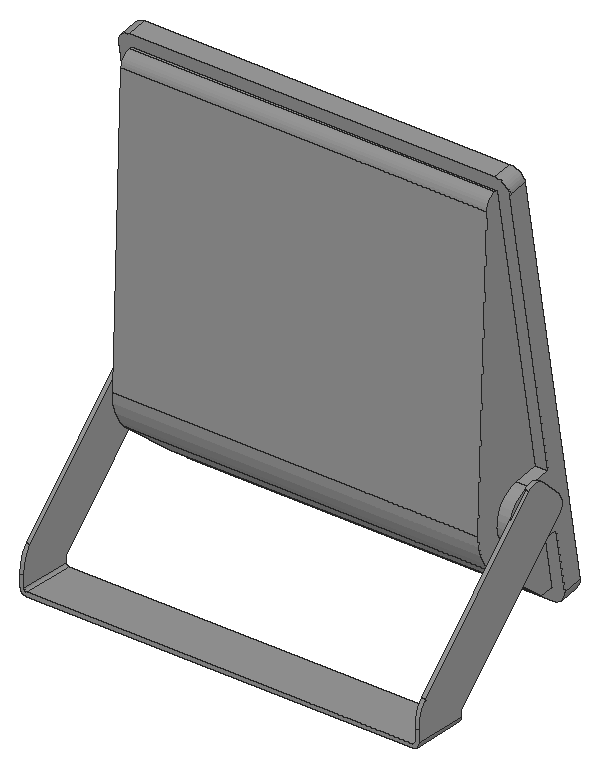
Revit family "SFIP66_100W", category Lighting Fixtures, host Face, Revit 2017
Family settings
  Host = Face
  Round Connector Dimension = Use Diameter
  Part Type = Normal
  OmniClass Number = 23.80.70.00
  OmniClass Title = Lighting
  Cut with Voids When Loaded = No
  Light Source = No
  Shared = No
  Room Calculation Point = No
Parameters (values of type "0048526 START FLOOD IP66 13KLM 830 WB")
  WingRadius_SYL = 10 mm
  WingLength_SYL = if([50W_SYL], 100 mm, if([100W_SYL], 142 mm, if([150W_SYL], 142 mm, if([200W_SYL], 150 mm, 170 mm))))  # 142 mm
  WidthBracket_SYL = 40 mm
  Weight = "3.9 kg"
  Wattage Comments = ""
  WarrantyStartDate [instance] = "n/a"
  WarrantyGuarantorParts = "n/a"
  WarrantyDurationUnit = "n/a"
  WarrantyDurationParts = "n/a"
  WarrantyDescription = "n/a"
  Voltage = 0 V
  URL = "http://www.sylvania-lighting.com"
  TypeName = "Start Flood IP66 13KLM 830 WB"
  TypeHead_SYL = START Flood IP66 100W luminaire : 0048526
  Type Image = <None>
  Type Comments = "n/a"
  ThicknessBracket_SYL = 3 mm
  SerialNumber [instance] = "n/a"
  RotationAngle_SYL [instance] = -100.00°
  RadiusOutBracket_SYL = 5 mm
  RadiusInBracket_SYL = 2 mm
  Material_3_SYL = none
  PowerFactor = 0.98
  PowerConsumption = "100 W"
  NominalLength = 418 mm
  NominalHeight = 77 mm
  NominalDepth = 330 mm
  Name = "Start Flood IP66 13KLM 830 WB"
  ModelReference = Name  # "Start Flood IP66 13KLM 830 WB"
  ModelNumber = "0048526"
  Model = Name  # "Start Flood IP66 13KLM 830 WB"
  Material = "n/a"
  ManufacturerName = "Feilo Sylvania"
  Manufacturer = "Feilo Sylvania"
  LuminousEfficacy = "134 lm/W"
  LuminaireType = ""
  LightOutputRatio = "n/a"
  LengthIn_SYL = if([50W_SYL], 210 mm, if([100W_SYL], 300 mm, if([150W_SYL], 295 mm, if([200W_SYL], 360 mm, 430 mm))))  # 300 mm
  LampsType = Lamp  # "LED"
  LampNominalLuminous = "13400 lm"
  LampMacAdamStep = "4"
  LampColourTemperature = "3000 K"
  LampColourRenderingIndex = "70"
  Lamp = "LED"
  Keynote = "16500"
  InstallationDate [instance] = "n/a"
  InputVoltage = "n/a"
  InputNominalFrequency = "n/a"
  IngressProtection = "IP66"
  ImpactProtectionIndex = "IK08"
  IfcExportType = "IfcLightFixtureType"
  IfcExportAs = "IfcLightFixtureType"
  EndAngle_SYL [instance] = RotationAngle_SYL + 180.00°  # 80.00°
  ElectricShockClassification = "Class I"
  DocumentationLiterature = "http://www.sylvania-lighting.com/product/en-int/products/0048526"
  DimmingControlOptions = "n/a"
  Material_2_SYL = none
  Description = "Exterior LED Floodlight, comes complete with 1000mm flying lead and adjustable bracket, aluminium housing, clear glass diffuser, IP66, IK08, Class I, 3000K, Non-dimming, 13400lm, 100W, 134lm/W, CRI80, Symmetrical Wide beam angle (60°), 60000 hrs L70B50 lifetime, 418 x 330 x 77mm (LxWxD) dimensions, 3.9kg weight."
  Default Elevation = 1219.2 mm
  CreatedOn = "9/23/2020"
  CreatedBy = "@sylvania-lighting.com"
  Cost = 0
  built-in parameter 1114216 [instance] = (empty or 0)
  ClassificationValue = "EF_70_80"
  ClassificationName = "Uniclass2015"
  Material_1_SYL = Steel, Paint Finish, Dark Gray, Matte
  BarCode [instance] = "n/a"
  AxisOffsetWingEnd_SYL = WidthBracket_SYL / 2  # 20 mm
  AxisHeight_SYL = sin(45.00°) * WingLength_SYL  # 100.409 mm
  AxisDepth_SYL = cos(45.00°) * (WingLength_SYL - tan(45.00°) * AxisOffsetWingEnd_SYL - AxisOffsetWingEnd_SYL)  # 72.125 mm
  AssetType = "Fixed"
  AssetIdentifier [instance] = "n/a"
  Assembly Code = "D5020200"
  Apparent Load = 100 VA
  Material_4_SYL = none
  50W_SYL = no
  200W_SYL = no
  150W_SYL = no
  100W_SYL = yes
Reference planes
  plane 1 "Center (Front/Back)": y = 0
  plane 2: z = 0
  plane 3 "Center (Left/Right)": x = 0
  plane 4: x = 153
  plane 5: x = -153
  plane 6: x = 150
  plane 7: x = -150
  plane 8: z = 10
  plane 9: y = 20
  plane 10: y = -20
  plane 11: z = 3
  plane 12: z = 110.409
  plane 13: y = 92.125
Forms (mm)
  Extrusion 1, solid, material "Steel, Paint Finish, Dark Gray, Matte" <- "Material_1_SYL"
    sketch origin (0, 0, 0) x (1, 0, 0) y (0, 0, 1)
      loop
        arc (148, 0) -> (151.536, 1.464) -> (153, 5) r 5
        line (153, 5) -> (153, 10) -> (150, 10) -> (150, 5)
        arc (150, 5) -> (149.414, 3.586) -> (148, 3) r 2
        line (148, 3) -> (-148, 3)
        arc (-148, 3) -> (-149.414, 3.586) -> (-150, 5) r 2
        line (-150, 5) -> (-150, 10) -> (-153, 10) -> (-153, 5)
        arc (-153, 5) -> (-151.536, 1.464) -> (-148, 0) r 5
        line (-148, 0) -> (148, 0)
    from -20 to 20
  Extrusion 2, solid, material "Steel, Paint Finish, Dark Gray, Matte" <- "Material_1_SYL"
    sketch origin (150, -4572, 2609.058) x (0, 0, 1) y (0, -1, 0)
      loop
        line (-2599.058, -4592) -> (-2505.72, -4685.338)
        arc (-2505.72, -4685.338) -> (-2498.649, -4688.267) -> (-2491.578, -4685.338) r 10
        line (-2491.578, -4685.338) -> (-2477.436, -4671.196)
        arc (-2477.436, -4671.196) -> (-2474.507, -4664.125) -> (-2477.436, -4657.054) r 10
        line (-2477.436, -4657.054) -> (-2576.632, -4557.858)
        arc (-2576.632, -4557.858) -> (-2585.316, -4553.5) -> (-2594.916, -4552) r 31.464
        line (-2594.916, -4552) -> (-2599.058, -4552) -> (-2599.058, -4592)
    from 0 to 3
  Extrusion 3, solid, material "Steel, Paint Finish, Dark Gray, Matte" <- "Material_1_SYL"
    sketch origin (-153, -4572, 2609.058) x (0, 0, 1) y (0, -1, 0)
      loop
        arc (-2505.72, -4685.338) -> (-2498.649, -4688.267) -> (-2491.578, -4685.338) r 10
        line (-2491.578, -4685.338) -> (-2477.436, -4671.196)
        arc (-2477.436, -4671.196) -> (-2474.507, -4664.125) -> (-2477.436, -4657.054) r 10
        line (-2477.436, -4657.054) -> (-2576.632, -4557.858)
        arc (-2576.632, -4557.858) -> (-2585.316, -4553.5) -> (-2594.916, -4552) r 31.464
        line (-2594.916, -4552) -> (-2604.058, -4552) -> (-2604.058, -4592) -> (-2599.058, -4592) -> (-2505.72, -4685.338)
    from 0 to 3
  Revolve 4, solid, not visible
    sketch origin (1223.4, -4572, 110.409) x (0, -1, 0) y (1, 0, 0)
      loop
        line (-4664.125, -1223.4) -> (-4679.125, -1223.4) -> (-4679.125, -1273.4) -> (-4664.125, -1273.4) -> (-4664.125, -1223.4)
      axis (-4664.125, -1223.4) -> (-4664.125, -1273.4)
    angle from -100 <- "RotationAngle_SYL" to 80 <- "EndAngle_SYL"
Cuts and joins
  joined: Extrusion 1, Extrusion 2, Extrusion 3
Lines and regions (mm)
  reference lines
    curve 1: line (0, 20, 10) -> (0, 172.028, 162.028)
    curve 2: line (0, 133.744, 180.312) -> (0, -20, 26.569)
    curve 3: line (0, 92.125, 138.693) -> (0, 120.409, 110.409)
    curve 4: line (-153, 4.393, 22.678) -> (-153, 170.135, 188.419)
    curve 5: line (0, 77.983, 124.551) -> (0, 106.267, 96.267)
Dimensions and locks
  locked: plane 8 to plane 2 at 10
  equal spacing: plane 10, plane 1 "Center (Front/Back)", plane 9
  "WidthBracket_SYL": plane 10 to plane 9
  "WidthBracket_SYL": curve 1 to curve 2
  "ThicknessBracket_SYL": plane 11 to plane 2
  "WingLength_SYL": curve 1 to curve 3
  level to Extrusion 1 = 10 mm
  equal spacing: plane 6, plane 3 "Center (Left/Right)", plane 7
  "LengthIn_SYL": plane 6 to plane 7
  equal spacing: plane 4, plane 3 "Center (Left/Right)", plane 5
  "ThicknessBracket_SYL": plane 7 to plane 5
  equal spacing: curve 1, curve 4, curve 2
  "AxisOffsetWingEnd_SYL": curve 3 to curve 5
  "AxisHeight_SYL": plane 12 to plane 8
  "AxisDepth_SYL": plane 9 to plane 13
  "RadiusInBracket_SYL": radius of Extrusion 1 sketch curve  (x2)
  "RadiusOutBracket_SYL": radius of Extrusion 1 sketch curve  (x2)
  "WingRadius_SYL": radius of Extrusion 2 sketch curve  (x2)
  locked: plane 8 to curve 1 (angle 45.00°)
  locked: plane 8 to curve 2 (angle 45.00°)
  aligned and locked: plane 2 to host face
  aligned and locked: level to host face
  aligned and locked: plane 9 to curve 1
  aligned and locked: plane 8 to curve 1
  aligned and locked: plane 10 to curve 2
  aligned and locked: plane 5 to Extrusion 1 sketch curve
  aligned and locked: plane 8 to Extrusion 1 sketch curve  (x2)
  aligned and locked: Extrusion 1 sketch curve to plane 7
  aligned and locked: plane 11 to Extrusion 1 sketch curve
  aligned and locked: plane 6 to Extrusion 1 sketch curve
  aligned and locked: Extrusion 1 sketch curve to plane 4
  aligned and locked: Extrusion 1 to plane 9
  aligned and locked: plane 10 to Extrusion 1
  aligned and locked: Extrusion 2 sketch curve to curve 1
  aligned and locked: curve 2 to Extrusion 2 sketch curve
  aligned and locked: plane 10 to Extrusion 2 sketch curve
  aligned and locked: Extrusion 2 sketch curve to Extrusion 1
  aligned and locked: plane 4 to Extrusion 2
  aligned and locked: Extrusion 2 to plane 6
  aligned and locked: plane 7 to Extrusion 3
  aligned and locked: Extrusion 3 to plane 5
  aligned and locked: cut or joined group of Extrusion 1, Extrusion 2, Extrusion 3 to curve 5  (x2)
  aligned and locked: Revolve 4 sketch curve to plane 13  (x2)
  aligned and locked: Revolve 4 sketch curve to curve 3
  aligned and locked: curve 2 to plane 3 "Center (Left/Right)"
  aligned and locked: Extrusion 3 sketch curve to cut or joined group of Extrusion 1, Extrusion 2, Extrusion 3  (x5)
  aligned and locked: cut or joined group of Extrusion 1, Extrusion 2, Extrusion 3 to Extrusion 3 sketch curve
  aligned and locked: nested 1 to plane 3 "Center (Left/Right)"
Automatic sketch dimensions
  host sketch curve to host sketch curve = 2438.4 mm  (x2)
  curve 4 to plane 1 "Center (Front/Back)" = 4.393 mm
  curve 4 to plane 9 = 150.135 mm
  Revolve 4 sketch curve to Revolve 4 sketch curve = 15 mm
  Revolve 4 sketch curve to plane 3 "Center (Left/Right)" = 50 mm
  Revolve 4 sketch curve to plane 5 = 1316.635 mm
  plane 4 to Revolve 4 sketch curve = 1441.773 mm
  Extrusion 3 sketch curve to plane 10 = 5.858 mm
  plane 12 to Extrusion 3 sketch curve = 7.071 mm
  Extrusion 3 sketch curve to plane 12 = 7.071 mm
  Extrusion 3 sketch curve to Extrusion 3 sketch curve = 7.071 mm
  plane 13 to Extrusion 3 sketch curve = 7.071 mm
  Extrusion 1 sketch curve to Extrusion 1 sketch curve = 0 mm  (x2)
  plane 12 to Extrusion 2 sketch curve = 0 mm
  Extrusion 2 sketch curve to plane 13 = 0 mm
  Extrusion 2 sketch curve to Extrusion 2 sketch curve = 4.142 mm
  Extrusion 2 sketch curve to plane 10 = 5.858 mm
  plane 12 to Extrusion 2 sketch curve = 7.071 mm
  Extrusion 2 sketch curve to plane 12 = 7.071 mm
  plane 13 to Extrusion 2 sketch curve = 7.071 mm
  Extrusion 2 sketch curve to plane 13 = 7.071 mm
Nested families
  nested 1: "START Flood IP66 100W luminaire" at (0, 92.125, 110.409) x (-1, 0, 0) z (0, 0.9848, 0.1736), type "0048526"
    with built-in parameter 1114216 (empty or 0)
Connectors
  electrical at (4.2, 0, 0), driven by "Voltage", driven by "Apparent Load", driven by "PowerFactor"
    settings: on host face, index 1, voltage 0 V, apparent load 100 VA, apparent load phase1 0 VA, apparent load phase2 0 VA, apparent load phase3 0 VA, power factor 0.98, load classification "Other", number of poles 1, system type 30, power factor state 1, is connector primary yes, connector utility no, sub classification motor no, connector description ""
Definition of nested family "START Flood IP66 100W luminaire"
  Parameters (values of type "0048526")
    WidthHead_SYL = if([50W_SYL], 210 mm, if([100W_SYL], 300 mm, if([150W_SYL], 295 mm, if([200W_SYL], 360 mm, 430 mm))))  # 300 mm
    Wattage Comments = "n/a"
    Wattage = 100 W
    built-in parameter 1150110 = 1 (stored number, unit not read)
    URL = "http://www.sylvania-lighting.com"
    Type Image = (empty or 0)
    Type Comments = "n/a"
    built-in parameter 1114217 = 1 (stored number, unit not read)
    Tilt Angle = -90.00°
    built-in parameter 1150109 = 1 (stored number, unit not read)
    built-in parameter 1150134 = 12
    built-in parameter 1150113 = 1 (stored number, unit not read)
    ScreenThickness_SYL = 14.5 mm  # constant formula
    ReflectorOffset_SYL = 12 mm  # constant formula
    ReflectorOffsetIn_SYL = RadiusReflectorFront_SYL  # 30 mm
    ReflectorHeight_SYL = if([50W_SYL], 145 mm, if([100W_SYL], 165 mm, if([150W_SYL], 210 mm, if([200W_SYL], 240 mm, 290 mm))))  # 165 mm
    RadiusReflectorIn_SYL = 5 mm  # constant formula
    RadiusReflectorFront_SYL = if([50W_SYL], 30 mm, if([100W_SYL], 30 mm, if([150W_SYL], 30 mm, if([200W_SYL], 30 mm, 35 mm))))  # 30 mm
    RadiusHinge_SYL = RadiusBack_SYL / 1.8  # 22.222 mm
    RadiusBack_SYL = if([50W_SYL], 31.3 mm, if([100W_SYL], 40 mm, if([150W_SYL], 40 mm, if([200W_SYL], 50 mm, 55 mm))))  # 40 mm
    Photometric Web File = "0048526.IES"
    OffsetBack_SYL = 10 mm  # constant formula
    Material_5_SYL = none
    Material_3_SYL = none
    Model = "Start Flood IP66 14000lm 740 WB"
    Manufacturer = "Feilo Sylvania"
    built-in parameter 1150105 = 15383.9 (stored number, unit not read)
    Lumens = 14615 lm
    built-in parameter 1150115 = 1 (stored number, unit not read)
    built-in parameter 1150137 = (empty or 0)
    built-in parameter 1150139 = (empty or 0)
    built-in parameter 1150112 = 1 (stored number, unit not read)
    built-in parameter 1150114 = 1 (stored number, unit not read)
    Lamp = "LED"
    Keynote = "16500"
    Material_2_SYL = none
    built-in parameter 1150132 = (empty or 0)
    built-in parameter 1150102 = (empty or 0)
    built-in parameter 1150107 = 4000 (stored number, unit not read)
    built-in parameter 1150138 = (empty or 0)
    built-in parameter 1150106 = 153.84 (stored number, unit not read)
    HeightHead_SYL = if([50W_SYL], 250 mm, if([100W_SYL], 320 mm, if([150W_SYL], 367 mm, if([200W_SYL], 400 mm, 470 mm))))  # 320 mm
    Emit from Rectangle Width = WidthHead_SYL - 4 mm - ReflectorOffset_SYL * 2 - ReflectorOffsetIn_SYL * 2  # 212 mm
    Emit from Rectangle Length = ReflectorHeight_SYL - ReflectorOffsetIn_SYL * 2  # 105 mm
    Emit Shape Visible in Rendering = no
    built-in parameter 1150104 = 13.578 (stored number, unit not read)
    Dimming Lamp Color Temperature Shift = (empty or 0)
    Description = ""
    Default Elevation = 1219.2 mm
    Cost = 0
    Color Filter = 16777215
    built-in parameter 1114216 [instance] = (empty or 0)
    Material_1_SYL = none
    Chamfer_SYL = if([50W_SYL], 15 mm, if([100W_SYL], 15 mm, if([150W_SYL], 15 mm, if([200W_SYL], 15 mm, 20 mm))))  # 15 mm
    built-in parameter 1114218 = 1 (stored number, unit not read)
    AxisOffsetBottom_SYL = if([50W_SYL], 68 mm, if([100W_SYL], 80 mm, if([150W_SYL], 92.2 mm, if([200W_SYL], 99.7 mm, 117 mm))))  # 80 mm
    AxisOffsetFront_SYL = if([50W_SYL], 28.4 mm, if([100W_SYL], 33.2 mm, if([150W_SYL], 33.2 mm, if([200W_SYL], 32.9 mm, 38.3 mm))))  # 33.2 mm
    built-in parameter 1150133 = 10 (stored number, unit not read)
    Assembly Code = "D5020200"
    Apparent Load = 100 VA
    Material_4_SYL = none
    50W_SYL = no
    200W_SYL = no
    150W_SYL = no
    100W_SYL = yes
  Reference planes
    plane 1 "Center (Front/Back)": y = 0
    plane 2: z = 0
    plane 3 "Center (Left/Right)": x = 0
    plane 4: x = 150
    plane 5: x = -150
    plane 6: y = -80
    plane 7: y = 240
    plane 8: z = 33.2
    plane 9: z = 18.7
    plane 10: y = 230
    plane 11: y = -70
    plane 12: x = -140
    plane 13: x = 140
    plane 14: x = -148
    plane 15: y = 238
    plane 16: x = 148
    plane 17: y = -78
    plane 18: y = 223
    plane 19: x = 133
    plane 20: x = -133
    plane 21: y = -63
    plane 22: z = 31.2
    plane 23: z = 8.7
    plane 24: x = -136
    plane 25: y = 226
    plane 26: x = 136
    plane 27: y = 61
    plane 28: x = -106
    plane 29: y = 91
    plane 30: x = 106
    plane 31: y = 196
    plane 32: y = 143.5
  Forms (mm)
    Extrusion 1, solid
      sketch origin (4.2, 0, 0) x (1, 0, 0) y (0, 1, 0)
        loop
          line (-1219.2, 1219.2) -> (-1219.2, -1219.2) -> (1219.2, -1219.2) -> (1219.2, 1219.2) -> (-1219.2, 1219.2)
      from 0 to -68.017
    Extrusion 2, solid, material <- "Material_1_SYL"
      sketch origin (0, 1219.2, 33.2) x (1, 0, 0) y (0, -1, 0)
        loop
          line (-140, 979.2) -> (140, 979.2)
          arc (140, 979.2) -> (147.071, 982.129) -> (150, 989.2) r 10
          line (150, 989.2) -> (150, 1289.2)
          arc (150, 1289.2) -> (147.071, 1296.271) -> (140, 1299.2) r 10
          line (140, 1299.2) -> (-140, 1299.2)
          arc (-140, 1299.2) -> (-147.071, 1296.271) -> (-150, 1289.2) r 10
          line (-150, 1289.2) -> (-150, 989.2)
          arc (-150, 989.2) -> (-147.071, 982.129) -> (-140, 979.2) r 10
      from 0 to 14.5
    Extrusion 3, void
      sketch origin (0, 1219.2, 33.2) x (1, 0, 0) y (0, -1, 0)
        loop
          line (-133, 981.2) -> (133, 981.2) -> (148, 996.2) -> (148, 1282.2) -> (133, 1297.2) -> (-133, 1297.2) -> (-148, 1282.2) -> (-148, 996.2) -> (-133, 981.2)
      from 0 to 2
    Blend 4, void
      base sketch origin (0, 1219.2, 31.2) x (0, -1, 0) y (1, 0, 0)
        loop
          arc (993.2, -106) -> (1001.987, -127.213) -> (1023.2, -136) r 30
          line (1023.2, -136) -> (1128.2, -136)
          arc (1128.2, -136) -> (1149.413, -127.213) -> (1158.2, -106) r 30
          line (1158.2, -106) -> (1158.2, 106)
          arc (1158.2, 106) -> (1149.413, 127.213) -> (1128.2, 136) r 30
          line (1128.2, 136) -> (1023.2, 136)
          arc (1023.2, 136) -> (1001.987, 127.213) -> (993.2, 106) r 30
          line (993.2, 106) -> (993.2, -106)
      top sketch origin (0, 1219.2, 31.2) x (0, -1, 0) y (1, 0, 0)
        loop
          arc (1023.2, -103) -> (1025.044, -105.183) -> (1027.783, -106) r 5
          line (1027.783, -106) -> (1123.2, -106)
          arc (1123.2, -106) -> (1126.736, -104.536) -> (1128.2, -101) r 5
          line (1128.2, -101) -> (1128.2, 101)
          arc (1128.2, 101) -> (1126.736, 104.536) -> (1123.2, 106) r 5
          line (1123.2, 106) -> (1028.2, 106)
          arc (1028.2, 106) -> (1024.664, 104.536) -> (1023.2, 101) r 5
          line (1023.2, 101) -> (1023.2, -103)
      from 0 to -22.5
    Extrusion 5, solid, material <- "Material_1_SYL"
      sketch origin (0, 0, 0) x (0, 1, 0) y (0, 0, 1)
        loop
          line (-70, 18.7) -> (-70, 13.506)
          arc (-70, 13.506) -> (-68.858, 8.865) -> (-65.693, 5.284) r 10
          line (-65.693, 5.284) -> (-22.772, -32.885)
          arc (-22.772, -32.885) -> (-8.374, -39.114) -> (7.312, -39.326) r 40
          line (7.312, -39.326) -> (222.006, 7.063)
          arc (222.006, 7.063) -> (227.748, 10.538) -> (230, 16.86) r 10
          line (230, 16.86) -> (230, 18.7) -> (-70, 18.7)
      from -140 to 140
    Extrusion 6, solid, material <- "Material_4_SYL"
      sketch origin (0, 1219.2, 31.2) x (1, 0, 0) y (0, -1, 0)
        loop
          line (133, 981.2) -> (148, 996.2) -> (148, 1282.2) -> (133, 1297.2) -> (-133, 1297.2) -> (-148, 1282.2) -> (-148, 996.2) -> (-133, 981.2) -> (133, 981.2)
      from -2 to 0
    Extrusion 7, solid, material <- "Material_1_SYL"
      sketch origin (0, 0, 0) x (0, 1, 0) y (0, 0, 1)
        loop
          arc (-22.222, 0) -> (0, -22.222) -> (22.222, 0) r 22.222
          line (22.222, 0) -> (22.222, 18.7) -> (-22.222, 18.7) -> (-22.222, 0)
      from -150 to 150
  Cuts and joins
    Extrusion 3, Blend 4 cuts Extrusion 2
    joined: Extrusion 2, Extrusion 5, Extrusion 7
  Lines and regions (mm)
    Split face 1
      outline origin (0, 1219.2, 33.2) x (1, 0, 0) y (0, 1, 0)
        loop
          arc (106, -1158.2) -> (127.213, -1149.413) -> (136, -1128.2) r 30
          line (136, -1128.2) -> (136, -1023.2)
          arc (136, -1023.2) -> (127.213, -1001.987) -> (106, -993.2) r 30
          line (106, -993.2) -> (-106, -993.2)
          arc (-106, -993.2) -> (-127.213, -1001.987) -> (-136, -1023.2) r 30
          line (-136, -1023.2) -> (-136, -1128.2)
          arc (-136, -1128.2) -> (-127.213, -1149.413) -> (-106, -1158.2) r 30
          line (-106, -1158.2) -> (106, -1158.2)
    reference lines
      curve 1: circle (0, 0, 0) r 40 normal (1, 0, 0)
      curve 2: line (-106, 226, 33.2) -> (106, 226, 33.2)
      curve 3: line (-136, 91, 33.2) -> (-136, 196, 33.2)
      curve 4: line (106, 61, 33.2) -> (-106, 61, 33.2)
      curve 5: line (136, 196, 33.2) -> (136, 91, 33.2)
      curve 6: arc (-106, 226, 33.2) -> (-127.213, 217.213, 33.2) -> (-136, 196, 33.2) r 30
      curve 7: arc (106, 226, 33.2) -> (127.213, 217.213, 33.2) -> (136, 196, 33.2) r 30
      curve 8: arc (-136, 91, 33.2) -> (-127.213, 69.787, 33.2) -> (-106, 61, 33.2) r 30
      curve 9: arc (106, 61, 33.2) -> (127.213, 69.787, 33.2) -> (136, 91, 33.2) r 30
      curve 10: line (-103, 196, 33.2) -> (101, 196, 33.2)
      curve 11: line (-106, 96, 33.2) -> (-106, 191.417, 33.2)
      curve 12: line (101, 91, 33.2) -> (-101, 91, 33.2)
      curve 13: line (106, 191, 33.2) -> (106, 96, 33.2)
      curve 14: arc (-103, 196, 33.2) -> (-105.183, 194.156, 33.2) -> (-106, 191.417, 33.2) r 5
      curve 15: arc (-101, 91, 33.2) -> (-104.536, 92.464, 33.2) -> (-106, 96, 33.2) r 5
      curve 16: arc (106, 96, 33.2) -> (104.536, 92.464, 33.2) -> (101, 91, 33.2) r 5
      curve 17: arc (101, 196, 33.2) -> (104.536, 194.536, 33.2) -> (106, 191, 33.2) r 5
      curve 18: circle (0, 0, 0) r 22.222 normal (1, 0, 0)
  Dimensions and locks
    equal spacing: plane 4, plane 3 "Center (Left/Right)", plane 5
    "WidthHead_SYL": plane 4 to plane 5
    "AxisOffsetBottom_SYL": plane 6 to plane 1 "Center (Front/Back)"
    "HeightHead_SYL": plane 6 to plane 7
    "AxisOffsetFront_SYL": plane 8 to plane 2
    "ScreenThickness_SYL": plane 9 to plane 8
    equal spacing: plane 12, plane 3 "Center (Left/Right)", plane 13
    "OffsetBack_SYL": plane 5 to plane 12
    "OffsetBack_SYL": plane 10 to plane 7
    "OffsetBack_SYL": plane 6 to plane 11
    locked: plane 6 to plane 17 at 2
    locked: plane 16 to plane 4 at 2
    locked: plane 5 to plane 14 at 2
    locked: plane 15 to plane 7 at 2
    "Chamfer_SYL": plane 19 to plane 16
    "Chamfer_SYL": plane 14 to plane 20
    "Chamfer_SYL": plane 18 to plane 15
    locked: plane 22 to plane 8 at 2
    "Chamfer_SYL": plane 17 to plane 21
    locked: plane 23 to plane 9 at 10
    equal spacing: plane 24, plane 3 "Center (Left/Right)", plane 26
    "ReflectorOffset_SYL": plane 25 to plane 15
    "ReflectorHeight_SYL": plane 27 to plane 25
    "ReflectorOffset_SYL": plane 14 to plane 24
    "ReflectorOffsetIn_SYL": plane 31 to plane 25
    "ReflectorOffsetIn_SYL": plane 24 to plane 28
    "ReflectorOffsetIn_SYL": plane 27 to plane 29
    "ReflectorOffsetIn_SYL": plane 30 to plane 26
    level to Extrusion 7 = 18.7 mm
    equal spacing: plane 29, plane 32, plane 31
    "RadiusBack_SYL": radius of curve 1
    "OffsetBack_SYL": radius of Extrusion 2 sketch curve  (x4)
    "RadiusReflectorFront_SYL": radius of curve 6
    "RadiusReflectorFront_SYL": radius of curve 8
    "RadiusReflectorFront_SYL": radius of curve 9
    "RadiusReflectorFront_SYL": radius of curve 7
    "RadiusReflectorIn_SYL": radius of curve 14
    "RadiusReflectorIn_SYL": radius of curve 15
    "RadiusReflectorIn_SYL": radius of curve 16
    "RadiusReflectorIn_SYL": radius of curve 17
    radius of Extrusion 5 sketch curve = 10 mm  (x2)
    "RadiusHinge_SYL": radius of curve 18
    aligned and locked: plane 2 to Extrusion 1
    aligned and locked: level to Extrusion 1
    aligned and locked: Extrusion 2 sketch curve to plane 7
    aligned and locked: plane 12 to Extrusion 2 sketch curve  (x2)
    aligned and locked: plane 13 to Extrusion 2 sketch curve  (x2)
    aligned and locked: plane 10 to Extrusion 2 sketch curve
    aligned and locked: plane 11 to Extrusion 2 sketch curve  (x2)
    aligned and locked: plane 9 to Extrusion 2
    aligned and locked: Extrusion 2 to plane 8
    aligned and locked: plane 20 to Extrusion 3 sketch curve
    aligned and locked: plane 18 to Extrusion 3 sketch curve
    aligned and locked: plane 14 to Extrusion 3 sketch curve
    aligned and locked: plane 17 to Extrusion 3 sketch curve
    aligned and locked: Extrusion 3 sketch curve to plane 16
    aligned and locked: plane 19 to Extrusion 3 sketch curve
    aligned and locked: plane 15 to Extrusion 3 sketch curve
    aligned and locked: plane 22 to Extrusion 3
    aligned and locked: Extrusion 3 to plane 8
    aligned and locked: curve 2 to plane 25
    aligned and locked: curve 3 to plane 24
    aligned and locked: plane 27 to curve 4
    aligned and locked: plane 26 to curve 5
    aligned and locked: curve 10 to plane 31
    aligned and locked: curve 11 to plane 28
    aligned and locked: plane 29 to curve 12
    aligned and locked: plane 30 to curve 13
    aligned and locked: Blend 4 sketch curve to curve 6
    aligned and locked: Blend 4 sketch curve to curve 8
    aligned and locked: Blend 4 sketch curve to curve 9
    aligned and locked: Blend 4 sketch curve to curve 7
    aligned and locked: Blend 4 sketch curve to curve 10
    aligned and locked: Blend 4 sketch curve to curve 17
    aligned and locked: Blend 4 sketch curve to curve 16
    aligned and locked: Blend 4 sketch curve to curve 15
    aligned and locked: Blend 4 sketch curve to curve 14
    aligned and locked: Blend 4 to plane 22
    aligned and locked: Extrusion 5 sketch curve to curve 1
    aligned and locked: Extrusion 5 to plane 12
    aligned and locked: plane 13 to Extrusion 5
    aligned and locked: plane 23 to Blend 4
    aligned and locked: Extrusion 6 sketch curve to cut or joined group of Extrusion 2, Extrusion 3, Blend 4, Extrusion 5, Extrusion 7  (x8)
    aligned and locked: plane 22 to Extrusion 6
    aligned and locked: Extrusion 6 to plane 8
    aligned and locked: Split face 1 sketch curve to cut or joined group of Extrusion 2, Extrusion 3, Blend 4, Extrusion 5, Extrusion 7  (x4)
    aligned and locked: Extrusion 7 sketch curve to curve 18
    aligned and locked: plane 9 to Extrusion 7 sketch curve  (x2)
    aligned and locked: plane 4 to Extrusion 7
    aligned and locked: Extrusion 7 to plane 5
    aligned and locked: plane 3 "Center (Left/Right)" to imposter light
    aligned and locked: plane 32 to imposter light
    aligned and locked: imposter light to plane 8
  Automatic sketch dimensions
    Extrusion 1 sketch curve to Extrusion 1 sketch curve = 2438.4 mm  (x2)
    Extrusion 3 sketch curve to plane 20 = 0 mm
    Extrusion 3 sketch curve to plane 19 = 0 mm
    plane 21 to Extrusion 3 sketch curve = 0 mm  (x2)
    plane 18 to Extrusion 3 sketch curve = 0 mm
    plane 28 to curve 10 = 3 mm
    curve 1 to curve 18 = 0 mm  (x2)
    curve 18 to level = 0 mm
    curve 18 to plane 1 "Center (Front/Back)" = 0 mm
    Extrusion 7 sketch curve to level = 0 mm
    Extrusion 5 sketch curve to plane 11 = 0 mm
    Extrusion 5 sketch curve to plane 10 = 0 mm
    plane 9 to Extrusion 5 sketch curve = 0 mm
    plane 21 to Extrusion 5 sketch curve = 2.693 mm
    plane 1 "Center (Front/Back)" to Extrusion 5 sketch curve = 22.772 mm
    Extrusion 5 sketch curve to plane 1 "Center (Front/Back)" = 7.312 mm
    plane 18 to Extrusion 5 sketch curve = 0.994 mm
    plane 23 to Extrusion 5 sketch curve = 3.416 mm
    plane 23 to Extrusion 5 sketch curve = 1.637 mm
